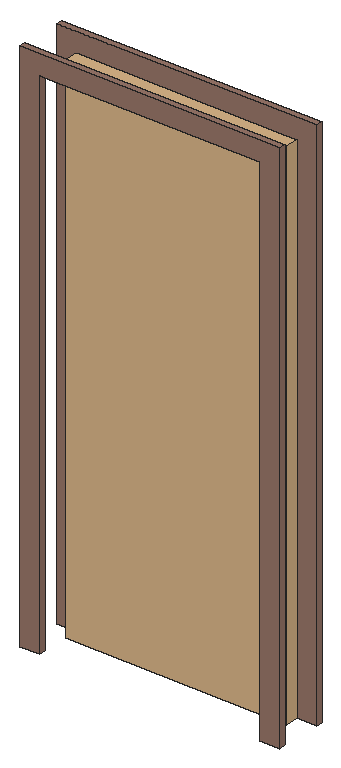
Revit family "M_Porta-Painel-Único", category Portas, Revit 2019
Family settings
  Hospedeiro = Parede
  Número OmniClass = 23.30.10.00
  Título OmniClass = Doors
  Sempre na vertical = Sim
  Corte com vazios quando carregada = Não
  Compartilhado = Não
  Ponto de cálculo do ambiente = Não
Parameters (values of type "850 x 2000mm")
  Visual Light Transmittance = 0
  Espessura = 50 mm
  Resistência térmica (R) = 0.455703 (m²·K)/W
  Ângulo de abertura [instance] = 90.00°
  Solar Heat Gain Coefficient = 0
  ID do tipo de construção = "DOOR"
  Coeficiente de transferência de calor (U) = 2.19465 W/(m²·K)
  Função = Interior
  Código de montagem = "C1020300"
  Material do painel = Madeira - Bétula - Manchada sólida leve com baixo brilho
  Material da apara = Pintura - Sienna
  Altura = 2000 mm
  Projeção da apara externa = 25 mm
  Projeção da apara interna = 25 mm
  Largura da apara = 80 mm
  Fechamento da parede = Por hospedeiro
  Largura = 850 mm
  Construção analítica = "Madeira"
Reference planes
  plane 1 "Centro(frente/trás)": y = 0
  plane 2: z = 0
  plane 3 "Centro (Esquerda/Direita)": x = 0
  plane 4 "Esquerda": x = -425
  plane 5 "Direita": x = 425
  plane 6 "Superior": z = 2000
  plane 7: y = 76.2
Forms (mm)
  Extrusion 1, solid, material "Madeira - Bétula - Manchada sólida leve com baixo brilho" <- "Material do painel"
    sketch origin (0, 0, 0) x (1, 0, 0) y (0, 0, 1)
      loop
        line (-425, 2000) -> (-425, 0) -> (425, 0) -> (425, 2000) -> (-425, 2000)
    from -76.2 to -26.2
  Extrusion 2, solid, material "Pintura - Sienna" <- "Material da apara", detail levels fine
    sketch origin (-1524, -76.2, 0) x (1, 0, 0) y (0, 0, 1)
      loop
        line (1022.8, 2076.2) -> (1022.8, 0) -> (1099, 0) -> (1099, 2000) -> (1949, 2000) -> (1949, 0) -> (2025.2, 0) -> (2025.2, 2076.2) -> (1022.8, 2076.2)
    from 0 to 25
  Extrusion 3, solid, material "Pintura - Sienna" <- "Material da apara", detail levels fine
    sketch origin (-1524, 76.2, 0) x (-1, 0, 0) y (0, 0, 1)
      loop
        line (-2025.2, 2076.2) -> (-2025.2, 0) -> (-1949, 0) -> (-1949, 2000) -> (-1099, 2000) -> (-1099, 0) -> (-1022.8, 0) -> (-1022.8, 2076.2) -> (-2025.2, 2076.2)
    from 0 to 25
Lines and regions (mm)
  Opening 1
    outline origin (-1524, -76.2, 3657.6) x (0, 0, -1) y (1, 0, 0)
      loop
        line (1657.6, 1099) -> (3657.6, 1099) -> (3657.6, 1949) -> (1657.6, 1949) -> (1657.6, 1099)
  symbolic lines, style "Giro da elevação"
    curve 1: line (-425, 0, 2000) -> (425, 0, 1000)
    curve 2: line (-425, 0, 0) -> (425, 0, 1000)
Dimensions and locks
  equal spacing: plane 4 "Esquerda", plane 3 "Centro (Esquerda/Direita)", plane 5 "Direita"
  "Largura": plane 4 "Esquerda" to plane 5 "Direita"
  "Altura": plane 6 "Superior" to plane 2
  "Projeção da apara externa": Extrusion 3 to host wall
  "Projeção da apara interna": Extrusion 2 to host wall
  "Espessura": Extrusion 1 to host wall
  equal spacing: plane 6 "Superior", curve 2, level
  aligned and locked: host wall to Extrusion 1
  aligned and locked: Extrusion 2 to Extrusion 3 sketch curve
  aligned and locked: Extrusion 3 sketch curve to Extrusion 2  (x2)
  aligned and locked: plane 7 to host wall
  aligned and locked: plane 7 to Extrusion 1
  aligned and locked: nested 1 to plane 7
  aligned and locked: nested 1 to plane 5 "Direita"
Automatic sketch dimensions
  Opening 1 sketch curve to plane 6 "Superior" = 0 mm
  Opening 1 sketch curve to level = 0 mm
  Opening 1 sketch curve to plane 4 "Esquerda" = 0 mm
  Opening 1 sketch curve to plane 5 "Direita" = 0 mm
  Extrusion 1 sketch curve to plane 4 "Esquerda" = 0 mm
  Extrusion 1 sketch curve to plane 5 "Direita" = 0 mm
  Extrusion 1 sketch curve to level = 0 mm
  Extrusion 1 sketch curve to plane 6 "Superior" = 0 mm
  Extrusion 2 sketch curve to level = 0 mm  (x2)
  Extrusion 2 sketch curve to plane 4 "Esquerda" = 0 mm
  Extrusion 2 sketch curve to plane 5 "Direita" = 0 mm
  Extrusion 2 sketch curve to plane 6 "Superior" = 0 mm
  Extrusion 3 sketch curve to level = 0 mm  (x2)
  Extrusion 3 sketch curve to plane 5 "Direita" = 0 mm
  Extrusion 3 sketch curve to plane 4 "Esquerda" = 0 mm
  Extrusion 3 sketch curve to plane 6 "Superior" = 0 mm
  curve 1 to plane 4 "Esquerda" = 0 mm
  curve 1 to plane 6 "Superior" = 0 mm
  curve 2 to plane 5 "Direita" = 0 mm
  curve 2 to level = 0 mm
  curve 2 to plane 4 "Esquerda" = 0 mm
  plane 4 "Esquerda" to Extrusion 2 sketch curve = 76.2 mm
  Extrusion 2 sketch curve to Extrusion 2 sketch curve = 76.2 mm
  Extrusion 2 sketch curve to plane 6 "Superior" = 76.2 mm
Nested families
  nested 1: "Porta com abertura única" at (425, 76.2, 0), Ângulo de abertura <- "Ângulo de abertura", type "Único"
    with Abertura visível yes, Ângulo de abertura 90.00°, Ângulo real 90.00°
Definition of nested family "Porta com abertura única"
  Parameters (values of type "Único")
    Width = 900 mm
    Thickness = 45 mm
    Abertura visível [instance] = Ângulo de abertura > 1.00°  # yes
    Ângulo de abertura [instance] = 45.00°
    Assembly Code = ""
    Analytic Construction = "<Nenhum>"
    Ângulo real [instance] = if(Ângulo de abertura < 1.00°, 1.00°, Ângulo de abertura)  # 45.00°
  Reference planes
    plane 1 "Centro (Frente/Trás)": y = 0
    plane 2: z = 0
    plane 3 "Centro (Esquerda/Direita)": x = 0
    plane 4: x = -900
  Lines and regions (mm)
    Masking region 1
      outline origin (0, 0, 0) x (-0.707107, 0.707107, 0) y (-0.707107, -0.707107, 0)
        loop
          line (0, 0) -> (900, 0) -> (900, 45) -> (0, 45) -> (0, 0)
    symbolic lines
      curve 1: line (0, 0, 0) -> (-900, 0, 0)
    symbolic lines, visible <- "Abertura visível"
      curve 2: arc (-900, 0, 0) -> (-831.492, 344.415, 0) -> (-636.396, 636.396, 0) r 900
    reference lines
      curve 3: line (0, 0, 0) -> (-636.396, 636.396, 0)
    model lines
      curve 4: line (0, 0, 0) -> (0, 0, 25.4)
  Dimensions and locks
    "Width": plane 4 to plane 3 "Centro (Esquerda/Direita)"
    locked: curve 2 to plane 3 "Centro (Esquerda/Direita)"
    locked: curve 2 to plane 1 "Centro (Frente/Trás)"
    "Width": curve 3 to curve 3
    "Thickness": Masking region 1 sketch curve to Masking region 1 sketch curve
    locked: curve 4 to plane 2 at 25.4
    "Width": radius of curve 2
    "Ângulo real": angle curve 2 to curve 2
    "Ângulo de abertura": angle curve 3 to plane 1 "Centro (Frente/Trás)"
    aligned and locked: curve 1 to plane 1 "Centro (Frente/Trás)"
    aligned and locked: plane 3 "Centro (Esquerda/Direita)" to curve 1
    aligned and locked: plane 3 "Centro (Esquerda/Direita)" to curve 3
    aligned and locked: plane 1 "Centro (Frente/Trás)" to curve 3
    aligned and locked: curve 3 to Masking region 1 sketch curve
    aligned and locked: Masking region 1 sketch curve to curve 3  (x2)
    aligned and locked: plane 3 "Centro (Esquerda/Direita)" to curve 4
    aligned and locked: plane 2 to curve 4
Types in the file's own list only (6): name | Transmissão de luz visual | Resistência térmica (R) | Coeficiente de ganho de calor solar | Coeficiente de transferência de calor (U) | Altura | Largura
  750 x 2000mm | 0 | 0.4557 (m²·K)/W | 0 | 2.1946 W/(m²·K) | 2000 mm | 750 mm
  750 x 2100mm | 0 | 0.4557 (m²·K)/W | 0 | 2.1946 W/(m²·K) | 2100 mm | 750 mm
  800 x 2100mm | 0 | 0.4557 (m²·K)/W | 0 | 2.1946 W/(m²·K) | 2100 mm | 800 mm
  850 x 2100mm | 0 | 0.4557 (m²·K)/W | 0 | 2.1946 W/(m²·K) | 2100 mm | 850 mm
  900 x 2000mm | 0 | 0.4557 (m²·K)/W | 0 | 2.1946 W/(m²·K) | 2000 mm | 900 mm
  900 x 2100mm | 0 | 0.4557 (m²·K)/W | 0 | 2.1946 W/(m²·K) | 2100 mm | 900 mm
